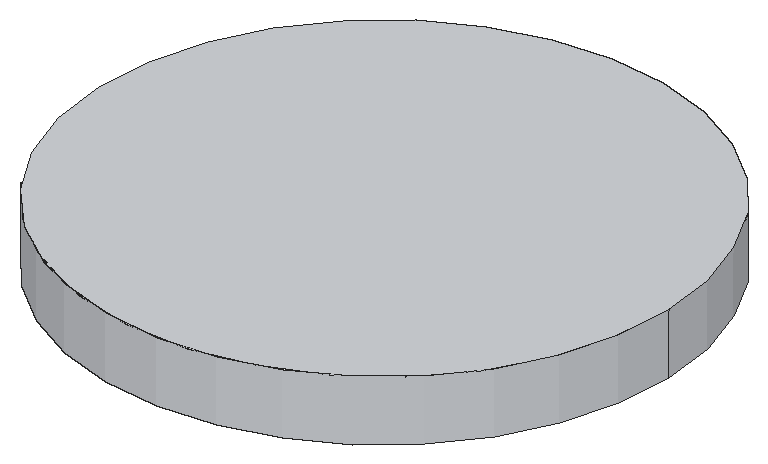
Revit family "DPH2_WOOD", category Generic Models, host Face, Revit 2015
Parameters (values of type "BUZON_DPH2")
  Youtube clip = ""
  Weight Net (Kg) = "0"
  Uniformat II Description = "Floor Construction"
  Uniformat II Code = "B1010"
  Uniclass 2015 Name = "External floor tiling systems"
  Uniclass 2015 Code = "Ss_30_42_32_30"
  Uniclass 2.0 Description = "Flooring And Decking Systems"
  Uniclass 2.0 Code = "SS-20-20"
  Uniclass 1.4 Description = "Floor units"
  Uniclass 1.4 Code = "L83121"
  UNSPSC Code = "301617"
  Technical description = ""
  Rotation Timber Support [instance] = 0.00°
  Region South America = "All"
  Region Oceania = "All"
  Region North America = "All"
  Region Middle East = "All"
  Region Europe = "All"
  Region Asia = "All"
  Region Antarctica = "All"
  Region Africa = "All"
  QR code = "http://bimobject.com/buzon/product/DPH-2"
  Product url = "http://www.buzon-world.com/en_US/products/dph-series.html"
  Product group = "Pedestal"
  Product family = "DPH"
  Product data url = "https://bimobject.com/buzon/product/DPH-2"
  Product certification = ""
  Product SKU = "DPH-2"
  Product Guid = "e41a1562-efc2-49df-961c-98bf074c4cf1"
  Pedestal Material = Default_DPH_Material
  Possible Minimum Height [instance] = 35.00 mm  # constant formula
  Possible Maximum Height [instance] = 53.00 mm  # constant formula
  OmniClass Description = "Flooring Specialties and Accessories"
  OmniClass Code = "23-15 17 11"
  Nominal width = 0.00 mm
  Nominal height = 0.00 mm
  NBS Reference Description = "Flooring And Decking Systems"
  NBS Reference Code = "20-20"
  Material secondary = "Polypropylene"
  Material main = "Polypropylene"
  Masterformat 2014 Description = ""
  Masterformat 2014 Code = ""
  Manufacturer name = "Buzon"
  Manufacturer country = "Belgium"
  Installation instructions = ""
  IFC Classification = "Building Element"
  Height Input [instance] = 53.00 mm
  Height [instance] = if(Height Input < Possible Minimum Height, Possible Minimum Height, if(Possible Maximum Height < Height Input, Possible Maximum Height, Height Input))  # 53.00 mm
  Default Elevation = 1200.00 mm
  Edition number = 1
  EAN code = ""
  Design country = "Belgium"
  Date of publishing = "12/21/2016"
  COBIe Type Category = ""
  Brand url = "http://www.buzon-world.com/en_US/home.html"
  BIMobject category = "Systems"
Reference planes
  plane 1 "Center (Front/Back)": y = 0
  plane 2: z = 0
  plane 3 "Center (Left/Right)": x = 0
  plane 4: x = 1219.2
  plane 5: x = -1219.2
  plane 6: z = 53
Forms (mm)
  Extrusion 1, solid, not visible
    sketch origin (0, 0, 0) x (1, 0, 0) y (0, 1, 0)
      loop
        circle (0, 0) r 100
    from 338.467 to 360
Dimensions and locks
  "Height": plane 6 to host face
  aligned and locked: plane 2 to host face
  aligned and locked: level to host face
  aligned and locked: plane 6 to nested 1  (x2)
  aligned and locked: plane 6 to nested 3
Automatic sketch dimensions
  host sketch curve to host sketch curve = 2438.40 mm  (x2)
Nested families
  nested 1: "Buzon_BOIS" at (0, 0, 53), Material <- "Pedestal Material", Bois Angle Input <- "Rotation Timber Support", type "Buzon_BOIS"
    with Min Angle Bois 0.00°, Max Angle Bois 90.00°, Material Default_DPH_Material, Bois Angle Input 0.00°, Bois Angle 0.00°, BOIS yes
  nested 2: "DPH-2_base_all text" at (0, 0, 0), type "Default"
  nested 3: "DPH-2_tete_all text" at (1.464, 0, 2.946), type "Default"
Definition of nested family "Buzon_BOIS"
  Parameters (values of type "Buzon_BOIS")
    Min Angle Bois [instance] = 0.00°  # constant formula
    Max Angle Bois [instance] = 90.00°  # constant formula
    Material [instance] = none
    Default Elevation = 1219.20 mm
    Bois Angle Input [instance] = 70.00°
    Bois Angle [instance] = if(Bois Angle Input < Min Angle Bois, Min Angle Bois, if(Max Angle Bois < Bois Angle Input, Max Angle Bois, Bois Angle Input))  # 70.00°
    BOIS [instance] = yes
  Reference planes
    plane 1 "Center (Front/Back)": y = 0
    plane 2: z = 0
    plane 3 "Center (Left/Right)": x = 0
    plane 4: z = 0.83
  Forms (mm)
    Extrusion 1, solid
      sketch origin (0, 0, 0) x (1, 0, 0) y (0, 1, 0)
        loop
          line (-1219.2, 1219.2) -> (-1219.2, -1219.2) -> (1219.2, -1219.2) -> (1219.2, 1219.2) -> (-1219.2, 1219.2)
      from 0 to -304.8
  Dimensions and locks
    "Bois Angle": angle plane 1 "Center (Front/Back)" to nested 1
    aligned and locked: plane 2 to Extrusion 1
    aligned and locked: level to Extrusion 1
  Automatic sketch dimensions
    Extrusion 1 sketch curve to Extrusion 1 sketch curve = 2438.40 mm  (x2)
  Nested families
    nested 1: "BOIS" at (0, 0, -144.195) x (0.9397, -0.342, 0) z (0, 0, 1), Material <- "Material", type "BOIS", detail levels coarse+medium
      with Material none
  Definition of nested family "BOIS"
    Parameters (values of type "BOIS")
      Material [instance] = none
    Reference planes
      plane 1 "Center (Front/Back)": y = 0
      plane 2: z = 0
      plane 3 "Center (Left/Right)": x = 0
    Dimensions and locks
      aligned and locked: level to plane 2
    Imported bodies without a history: 2
Definition of nested family "DPH-2_base_all text"
  Parameters (values of type "Default")
    Youtube clip = ""
    Weight Net (Kg) = 0
    Uniformat II Description = ""
    Uniformat II Code = ""
    Uniclass 2015 Name = ""
    Uniclass 2015 Code = ""
    Uniclass 2.0 Description = ""
    Uniclass 2.0 Code = ""
    Uniclass 1.4 Description = ""
    Uniclass 1.4 Code = ""
    UNSPSC Code = ""
    Technical description = ""
    Region South America = "All"
    Region Oceania = "All"
    Region North America = "All"
    Region Middle East = "All"
    Region Europe = "All"
    Region Asia = "All"
    Region Antarctica = "All"
    Region Africa = "All"
    Product group = ""
    Product family = ""
    Product certification = ""
    Product Guid = "284595f7-c2a6-4e11-863f-82e4689220c2"
    OmniClass Description = ""
    OmniClass Code = ""
    Nominal width = 0
    Nominal height = 0
    NBS Reference Description = ""
    NBS Reference Code = ""
    Material secondary = ""
    Material main = ""
    Material = none
    Masterformat 2014 Description = ""
    Masterformat 2014 Code = ""
    Manufacturer country = ""
    Installation instructions = ""
    IFC Classification = ""
    Edition number = 1
    EAN code = ""
    Design country = ""
    Date of publishing = ""
    COBIe Type Category = ""
    BOS_7_Visibility = 1
    BOS_7_Red = 127
    BOS_7_Native_Visibility = and(BOSUseNativeGeometries = 1, BOS_7_Visibility = 1)  # yes
    BOS_7_Material = none
    BOS_7_Green = 127
    BOS_7_Blue = 127
    BOS_7_127_127_127_Visibility = and(BOSUseNativeGeometries = 0, and(BOS_7_Visibility = 1, and(BOS_7_Red = 127, and(BOS_7_Green = 127, BOS_7_Blue = 127))))  # no
    BOS_6_Visibility = 1
    BOS_6_Red = 127
    BOS_6_Native_Visibility = and(BOSUseNativeGeometries = 1, BOS_6_Visibility = 1)  # yes
    BOS_6_Material = none
    BOS_6_Green = 127
    BOS_6_Blue = 127
    BOS_6_127_127_127_Visibility = and(BOSUseNativeGeometries = 0, and(BOS_6_Visibility = 1, and(BOS_6_Red = 127, and(BOS_6_Green = 127, BOS_6_Blue = 127))))  # no
    BOS_5_Visibility = 1
    BOS_5_Red = 127
    BOS_5_Native_Visibility = and(BOSUseNativeGeometries = 1, BOS_5_Visibility = 1)  # yes
    BOS_5_Material = none
    BOS_5_Green = 127
    BOS_5_Blue = 127
    BOS_5_127_127_127_Visibility = and(BOSUseNativeGeometries = 0, and(BOS_5_Visibility = 1, and(BOS_5_Red = 127, and(BOS_5_Green = 127, BOS_5_Blue = 127))))  # no
    BOS_4_Visibility = 1
    BOS_4_Red = 127
    BOS_4_Native_Visibility = and(BOSUseNativeGeometries = 1, BOS_4_Visibility = 1)  # yes
    BOS_4_Material = none
    BOS_4_Green = 127
    BOS_4_Blue = 127
    BOS_4_127_127_127_Visibility = and(BOSUseNativeGeometries = 0, and(BOS_4_Visibility = 1, and(BOS_4_Red = 127, and(BOS_4_Green = 127, BOS_4_Blue = 127))))  # no
    BOS_3_Visibility = 1
    BOS_3_Red = 127
    BOS_3_Native_Visibility = and(BOSUseNativeGeometries = 1, BOS_3_Visibility = 1)  # yes
    BOS_3_Material = none
    BOS_3_Green = 127
    BOS_3_Blue = 127
    BOS_3_127_127_127_Visibility = and(BOSUseNativeGeometries = 0, and(BOS_3_Visibility = 1, and(BOS_3_Red = 127, and(BOS_3_Green = 127, BOS_3_Blue = 127))))  # no
    BOS_2_Visibility = 1
    BOS_2_Red = 127
    BOS_2_Native_Visibility = and(BOSUseNativeGeometries = 1, BOS_2_Visibility = 1)  # yes
    BOS_2_Material = none
    BOS_2_Green = 127
    BOS_2_Blue = 127
    BOS_2_127_127_127_Visibility = and(BOSUseNativeGeometries = 0, and(BOS_2_Visibility = 1, and(BOS_2_Red = 127, and(BOS_2_Green = 127, BOS_2_Blue = 127))))  # no
    BOS_1_Visibility = 1
    BOS_1_Red = 127
    BOS_1_Native_Visibility = and(BOSUseNativeGeometries = 1, BOS_1_Visibility = 1)  # yes
    BOS_1_Material = none
    BOS_1_Green = 127
    BOS_1_Blue = 127
    BOS_1_127_127_127_Visibility = and(BOSUseNativeGeometries = 0, and(BOS_1_Visibility = 1, and(BOS_1_Red = 127, and(BOS_1_Green = 127, BOS_1_Blue = 127))))  # no
    BOS_0_Visibility = 1
    BOS_0_Red = 127
    BOS_0_Native_Visibility = and(BOSUseNativeGeometries = 1, BOS_0_Visibility = 1)  # yes
    BOS_0_Material = none
    BOS_0_Green = 127
    BOS_0_Blue = 127
    BOS_0_127_127_127_Visibility = and(BOSUseNativeGeometries = 0, and(BOS_0_Visibility = 1, and(BOS_0_Red = 127, and(BOS_0_Green = 127, BOS_0_Blue = 127))))  # no
    BOSUseNativeGeometries = 1
    BIMobject category = ""
  Reference planes
    plane 1 "Center (Front/Back)": y = 0
    plane 2: z = 0
    plane 3 "Center (Left/Right)": x = 0
  Dimensions and locks
    aligned and locked: plane 2 to level
  Imported bodies without a history: 1
Definition of nested family "DPH-2_tete_all text"
  Parameters (values of type "Default")
    Youtube clip = ""
    Weight Net (Kg) = 0
    Uniformat II Description = ""
    Uniformat II Code = ""
    Uniclass 2015 Name = ""
    Uniclass 2015 Code = ""
    Uniclass 2.0 Description = ""
    Uniclass 2.0 Code = ""
    Uniclass 1.4 Description = ""
    Uniclass 1.4 Code = ""
    UNSPSC Code = ""
    Technical description = ""
    Region South America = "All"
    Region Oceania = "All"
    Region North America = "All"
    Region Middle East = "All"
    Region Europe = "All"
    Region Asia = "All"
    Region Antarctica = "All"
    Region Africa = "All"
    Product group = ""
    Product family = ""
    Product certification = ""
    Product Guid = "284595f7-c2a6-4e11-863f-82e4689220c2"
    OmniClass Description = ""
    OmniClass Code = ""
    Nominal width = 0
    Nominal height = 0
    NBS Reference Description = ""
    NBS Reference Code = ""
    Material secondary = ""
    Material main = ""
    Material = none
    Masterformat 2014 Description = ""
    Masterformat 2014 Code = ""
    Manufacturer country = ""
    Installation instructions = ""
    IFC Classification = ""
    Edition number = 1
    EAN code = ""
    Design country = ""
    Date of publishing = ""
    COBIe Type Category = ""
    BOS_8_Visibility = 1
    BOS_8_Red = 127
    BOS_8_Native_Visibility = and(BOSUseNativeGeometries = 1, BOS_8_Visibility = 1)  # yes
    BOS_8_Material = none
    BOS_8_Green = 127
    BOS_8_Blue = 127
    BOS_8_127_127_127_Visibility = and(BOSUseNativeGeometries = 0, and(BOS_8_Visibility = 1, and(BOS_8_Red = 127, and(BOS_8_Green = 127, BOS_8_Blue = 127))))  # no
    BOS_7_Visibility = 1
    BOS_7_Red = 127
    BOS_7_Native_Visibility = and(BOSUseNativeGeometries = 1, BOS_7_Visibility = 1)  # yes
    BOS_7_Material = none
    BOS_7_Green = 127
    BOS_7_Blue = 127
    BOS_7_127_127_127_Visibility = and(BOSUseNativeGeometries = 0, and(BOS_7_Visibility = 1, and(BOS_7_Red = 127, and(BOS_7_Green = 127, BOS_7_Blue = 127))))  # no
    BOS_6_Visibility = 1
    BOS_6_Red = 127
    BOS_6_Native_Visibility = and(BOSUseNativeGeometries = 1, BOS_6_Visibility = 1)  # yes
    BOS_6_Material = none
    BOS_6_Green = 127
    BOS_6_Blue = 127
    BOS_6_127_127_127_Visibility = and(BOSUseNativeGeometries = 0, and(BOS_6_Visibility = 1, and(BOS_6_Red = 127, and(BOS_6_Green = 127, BOS_6_Blue = 127))))  # no
    BOS_5_Visibility = 1
    BOS_5_Red = 127
    BOS_5_Native_Visibility = and(BOSUseNativeGeometries = 1, BOS_5_Visibility = 1)  # yes
    BOS_5_Material = none
    BOS_5_Green = 127
    BOS_5_Blue = 127
    BOS_5_127_127_127_Visibility = and(BOSUseNativeGeometries = 0, and(BOS_5_Visibility = 1, and(BOS_5_Red = 127, and(BOS_5_Green = 127, BOS_5_Blue = 127))))  # no
    BOS_4_Visibility = 1
    BOS_4_Red = 127
    BOS_4_Native_Visibility = and(BOSUseNativeGeometries = 1, BOS_4_Visibility = 1)  # yes
    BOS_4_Material = none
    BOS_4_Green = 127
    BOS_4_Blue = 127
    BOS_4_127_127_127_Visibility = and(BOSUseNativeGeometries = 0, and(BOS_4_Visibility = 1, and(BOS_4_Red = 127, and(BOS_4_Green = 127, BOS_4_Blue = 127))))  # no
    BOS_3_Visibility = 1
    BOS_3_Red = 127
    BOS_3_Native_Visibility = and(BOSUseNativeGeometries = 1, BOS_3_Visibility = 1)  # yes
    BOS_3_Material = none
    BOS_3_Green = 127
    BOS_3_Blue = 127
    BOS_3_127_127_127_Visibility = and(BOSUseNativeGeometries = 0, and(BOS_3_Visibility = 1, and(BOS_3_Red = 127, and(BOS_3_Green = 127, BOS_3_Blue = 127))))  # no
    BOS_2_Visibility = 1
    BOS_2_Red = 127
    BOS_2_Native_Visibility = and(BOSUseNativeGeometries = 1, BOS_2_Visibility = 1)  # yes
    BOS_2_Material = none
    BOS_2_Green = 127
    BOS_2_Blue = 127
    BOS_2_127_127_127_Visibility = and(BOSUseNativeGeometries = 0, and(BOS_2_Visibility = 1, and(BOS_2_Red = 127, and(BOS_2_Green = 127, BOS_2_Blue = 127))))  # no
    BOS_1_Visibility = 1
    BOS_1_Red = 127
    BOS_1_Native_Visibility = and(BOSUseNativeGeometries = 1, BOS_1_Visibility = 1)  # yes
    BOS_1_Material = none
    BOS_1_Green = 127
    BOS_1_Blue = 127
    BOS_1_127_127_127_Visibility = and(BOSUseNativeGeometries = 0, and(BOS_1_Visibility = 1, and(BOS_1_Red = 127, and(BOS_1_Green = 127, BOS_1_Blue = 127))))  # no
    BOS_0_Visibility = 1
    BOS_0_Red = 127
    BOS_0_Native_Visibility = and(BOSUseNativeGeometries = 1, BOS_0_Visibility = 1)  # yes
    BOS_0_Material = none
    BOS_0_Green = 127
    BOS_0_Blue = 127
    BOS_0_127_127_127_Visibility = and(BOSUseNativeGeometries = 0, and(BOS_0_Visibility = 1, and(BOS_0_Red = 127, and(BOS_0_Green = 127, BOS_0_Blue = 127))))  # no
    BOSUseNativeGeometries = 1
    BIMobject category = ""
  Reference planes
    plane 1 "Center (Front/Back)": y = 0
    plane 2: z = 0
    plane 3 "Center (Left/Right)": x = 0
  Dimensions and locks
    aligned and locked: plane 2 to level
  Imported bodies without a history: 2
